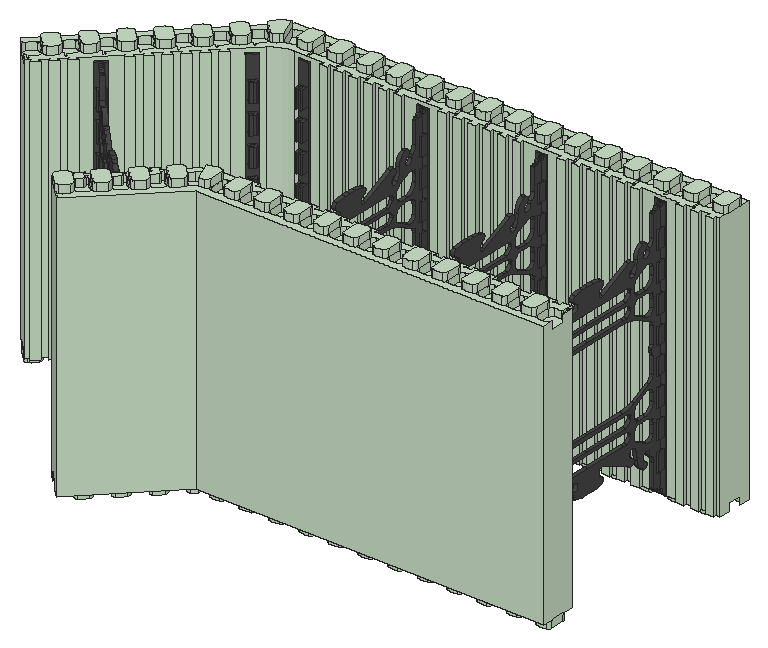
Revit family (continued)
Definition of nested family "12-inch Insert Web"
  Forms (mm)
    Extrusion 2, solid, material "High Density Polystyrene"
      sketch origin (0, 0, 0) x (0, 1, 0) y (0, 0, 1)
        loop
          arc (132.383, 180.186) -> (137.716, 184.872) -> (139.7, 191.688) r 12.7
        loop
          line (76.789, 348.183) -> (0, 348.183) -> (-76.789, 348.183)
          arc (-76.789, 348.183) -> (-80.328, 348.292) -> (-83.853, 348.621) r 57.15
          arc (-83.853, 348.621) -> (-88.43, 345.096) -> (-91.44, 340.166) r 15.855
          line (-91.44, 340.166) -> (-91.44, 336.966)
          arc (-91.44, 336.966) -> (-87.76, 331.136) -> (-81.935, 327.448) r 15.684
          line (-81.935, 327.448) -> (0, 327.448) -> (81.935, 327.448)
          arc (81.935, 327.448) -> (87.76, 331.136) -> (91.44, 336.966) r 15.684
          line (91.44, 336.966) -> (91.44, 340.166)
          arc (91.44, 340.166) -> (88.43, 345.096) -> (83.853, 348.621) r 15.855
          arc (83.853, 348.621) -> (80.328, 348.292) -> (76.789, 348.183) r 57.15
        loop
          arc (103.837, 354.882) -> (98.504, 350.196) -> (96.52, 343.38) r 12.7
          line (96.52, 343.38) -> (96.52, 340.138)
          arc (96.52, 340.138) -> (100.24, 331.158) -> (109.22, 327.438) r 12.7
          line (109.22, 327.438) -> (123.825, 327.438)
          arc (123.825, 327.438) -> (135.05, 332.088) -> (139.7, 343.313) r 15.875
          line (139.7, 343.313) -> (139.7, 356.692)
          arc (139.7, 356.692) -> (135.287, 364.729) -> (126.138, 365.319) r 9.525
          line (126.138, 365.319) -> (103.837, 354.882)
        loop
          arc (139.7, 306.991) -> (135.05, 318.216) -> (123.825, 322.866) r 15.875
          line (123.825, 322.866) -> (109.22, 322.866)
          arc (109.22, 322.866) -> (100.24, 319.146) -> (96.52, 310.166) r 12.7
          line (96.52, 310.166) -> (96.52, 306.925)
          arc (96.52, 306.925) -> (98.504, 300.108) -> (103.837, 295.422) r 12.7
          line (103.837, 295.422) -> (126.138, 284.985)
          arc (126.138, 284.985) -> (135.287, 285.575) -> (139.7, 293.612) r 9.525
          line (139.7, 293.612) -> (139.7, 306.991)
        loop
          arc (83.851, 301.696) -> (88.429, 305.221) -> (91.44, 310.152) r 15.855
          line (91.44, 310.152) -> (91.44, 313.351)
          arc (91.44, 313.351) -> (87.752, 319.188) -> (81.915, 322.876) r 15.684
          line (81.915, 322.876) -> (0, 322.876) -> (-81.915, 322.876)
          arc (-81.915, 322.876) -> (-87.752, 319.188) -> (-91.44, 313.351) r 15.684
          line (-91.44, 313.351) -> (-91.44, 310.152)
          arc (-91.44, 310.152) -> (-88.429, 305.221) -> (-83.851, 301.696) r 15.855
          arc (-83.851, 301.696) -> (-80.337, 302.022) -> (-76.81, 302.131) r 57.15
          line (-76.81, 302.131) -> (0, 302.131) -> (76.81, 302.131)
          arc (76.81, 302.131) -> (80.337, 302.022) -> (83.851, 301.696) r 57.15
        loop
          line (-103.837, 354.882) -> (-126.138, 365.319)
          arc (-126.138, 365.319) -> (-135.287, 364.729) -> (-139.7, 356.692) r 9.525
          line (-139.7, 356.692) -> (-139.7, 343.313)
          arc (-139.7, 343.313) -> (-135.05, 332.088) -> (-123.825, 327.438) r 15.875
          line (-123.825, 327.438) -> (-109.22, 327.438)
          arc (-109.22, 327.438) -> (-100.24, 331.158) -> (-96.52, 340.138) r 12.7
          line (-96.52, 340.138) -> (-96.52, 343.38)
          arc (-96.52, 343.38) -> (-98.504, 350.196) -> (-103.837, 354.882) r 12.7
        loop
          line (-139.7, 306.991) -> (-139.7, 293.612)
          arc (-139.7, 293.612) -> (-135.287, 285.575) -> (-126.138, 284.985) r 9.525
          line (-126.138, 284.985) -> (-103.837, 295.422)
          arc (-103.837, 295.422) -> (-98.504, 300.108) -> (-96.52, 306.925) r 12.7
          line (-96.52, 306.925) -> (-96.52, 310.166)
          arc (-96.52, 310.166) -> (-100.24, 319.146) -> (-109.22, 322.866) r 12.7
          line (-109.22, 322.866) -> (-123.825, 322.866)
          arc (-123.825, 322.866) -> (-135.05, 318.216) -> (-139.7, 306.991) r 15.875
      from 3.175 to -3.175
    Extrusion 3, solid, material "High Density Polystyrene"
      sketch origin (0, 0, 0) x (0, 1, 0) y (0, 0, 1)
        loop
          line (157.734, 410.919) -> (145.034, 410.919) -> (145.034, 380.439) -> (157.734, 380.439) -> (157.734, 410.919)
        loop
          line (157.734, 361.389) -> (145.034, 361.389) -> (145.034, 330.909) -> (157.734, 330.909) -> (157.734, 361.389)
        loop
          line (157.734, 311.859) -> (145.034, 311.859) -> (145.034, 281.379) -> (157.734, 281.379) -> (157.734, 311.859)
        loop
          line (157.734, 262.329) -> (145.034, 262.329) -> (145.034, 234.897) -> (157.734, 234.897) -> (157.734, 262.329)
        loop
          line (157.734, 215.847) -> (145.034, 215.847) -> (145.034, 188.415) -> (157.734, 188.415) -> (157.734, 215.847)
        loop
          line (157.734, 169.365) -> (145.034, 169.365) -> (145.034, 138.885) -> (157.734, 138.885) -> (157.734, 169.365)
        loop
          line (157.734, 119.835) -> (145.034, 119.835) -> (145.034, 89.355) -> (157.734, 89.355) -> (157.734, 119.835)
        loop
          line (157.734, 70.305) -> (145.034, 70.305) -> (145.034, 39.825) -> (157.734, 39.825) -> (157.734, 70.305)
        loop
          line (-157.734, 410.919) -> (-157.734, 380.439) -> (-145.034, 380.439) -> (-145.034, 410.919) -> (-157.734, 410.919)
        loop
          line (-157.734, 361.389) -> (-157.734, 330.909) -> (-145.034, 330.909) -> (-145.034, 361.389) -> (-157.734, 361.389)
        loop
          line (-157.734, 311.859) -> (-157.734, 281.379) -> (-145.034, 281.379) -> (-145.034, 311.859) -> (-157.734, 311.859)
        loop
          line (-157.734, 262.329) -> (-157.734, 234.897) -> (-145.034, 234.897) -> (-145.034, 262.329) -> (-157.734, 262.329)
        loop
          line (-157.734, 215.847) -> (-157.734, 188.415) -> (-145.034, 188.415) -> (-145.034, 215.847) -> (-157.734, 215.847)
        loop
          line (-157.734, 169.365) -> (-157.734, 138.885) -> (-145.034, 138.885) -> (-145.034, 169.365) -> (-157.734, 169.365)
        loop
          line (-157.734, 119.835) -> (-157.734, 89.355) -> (-145.034, 89.355) -> (-145.034, 119.835) -> (-157.734, 119.835)
        loop
          line (-157.734, 70.305) -> (-157.734, 39.825) -> (-145.034, 39.825) -> (-145.034, 70.305) -> (-157.734, 70.305)
      from 6.35 to -6.35
    Extrusion 4, void
      sketch origin (0, 76.2, 0) x (1, 0, 0) y (0, 1, 0)
        loop
          line (-6.35, 70.929) -> (-6.35, 68.834) -> (-4.255, 68.834)
          arc (-4.255, 68.834) -> (-5.736, 69.448) -> (-6.35, 70.929) r 2.095
      from 0 to 457.2
    Extrusion 5, void
      sketch origin (0, 76.2, 0) x (-1, 0, 0) y (0, -1, 0)
        loop
          arc (-6.35, -70.929) -> (-5.736, -69.448) -> (-4.255, -68.834) r 2.095
          line (-4.255, -68.834) -> (-6.35, -68.834) -> (-6.35, -70.929)
      from 0 to 457.2
    Extrusion 6, void
      sketch origin (0, -76.2, 0) x (1, 0, 0) y (0, 1, 0)
        loop
          arc (-6.35, -70.929) -> (-5.736, -69.448) -> (-4.255, -68.834) r 2.095
          line (-4.255, -68.834) -> (-6.35, -68.834) -> (-6.35, -70.929)
      from 0 to 457.2
    Extrusion 7, void
      sketch origin (0, -76.2, 0) x (-1, 0, 0) y (0, -1, 0)
        loop
          line (-6.35, 70.929) -> (-6.35, 68.834) -> (-4.255, 68.834)
          arc (-4.255, 68.834) -> (-5.736, 69.448) -> (-6.35, 70.929) r 2.095
      from 0 to 457.2
  Cuts and joins
    Extrusion 4, Extrusion 5, Extrusion 6, Extrusion 7 cuts Extrusion 1
    Extrusion 4, Extrusion 5, Extrusion 6, Extrusion 7 cuts Extrusion 3
Definition of nested family "NUDURA Diamond Pattern"
  Reference planes
    plane 1 "Center (Front/Back)": y = 0
    plane 2: z = 0
    plane 3 "Center (Left/Right)": x = 0
    plane 4: z = 457.2
  Lines and regions (mm)
    model lines
      curve 1: line (203.2, -142.875, 457.2) -> (203.2, -142.875, 0)
      curve 2: line (152.4, -142.875, 457.2) -> (152.4, -142.875, 0)
      curve 3: line (50.8, -142.875, 457.2) -> (50.8, -142.875, 0)
      curve 4: line (85.183, -142.875, 431.415) -> (93.906, -142.875, 422.692)
      curve 5: arc (85.183, -142.875, 444.885) -> (82.394, -142.875, 438.15) -> (85.183, -142.875, 431.415) r 9.525
      curve 6: line (94.708, -142.875, 454.41) -> (85.183, -142.875, 444.885)
      curve 7: arc (108.179, -142.875, 454.41) -> (101.444, -142.875, 457.2) -> (94.708, -142.875, 454.41) r 9.525
      curve 8: line (117.704, -142.875, 444.885) -> (108.179, -142.875, 454.41)
      curve 9: arc (117.704, -142.875, 431.415) -> (120.494, -142.875, 438.15) -> (117.704, -142.875, 444.885) r 9.525
      curve 10: line (108.981, -142.875, 422.692) -> (117.704, -142.875, 431.415)
      curve 11: arc (105.934, -142.875, 452.165) -> (101.444, -142.875, 454.025) -> (96.953, -142.875, 452.165) r 6.35
      curve 12: line (115.459, -142.875, 442.64) -> (105.934, -142.875, 452.165)
      curve 13: arc (115.459, -142.875, 433.66) -> (117.319, -142.875, 438.15) -> (115.459, -142.875, 442.64) r 6.35
      curve 14: line (105.934, -142.875, 424.135) -> (115.459, -142.875, 433.66)
      curve 15: arc (96.953, -142.875, 424.135) -> (101.444, -142.875, 422.275) -> (105.934, -142.875, 424.135) r 6.35
      curve 16: line (87.428, -142.875, 433.66) -> (96.953, -142.875, 424.135)
      curve 17: arc (87.428, -142.875, 442.64) -> (85.569, -142.875, 438.15) -> (87.428, -142.875, 433.66) r 6.35
      curve 18: line (96.953, -142.875, 452.165) -> (87.428, -142.875, 442.64)
      curve 19: arc (93.906, -142.875, 415.508) -> (95.394, -142.875, 419.1) -> (93.906, -142.875, 422.692) r 5.08
      curve 20: line (117.704, -142.875, 406.785) -> (108.981, -142.875, 415.508)
      curve 21: arc (117.704, -142.875, 393.315) -> (120.494, -142.875, 400.05) -> (117.704, -142.875, 406.785) r 9.525
      curve 22: line (108.981, -142.875, 384.592) -> (117.704, -142.875, 393.315)
      curve 23: line (85.183, -142.875, 393.315) -> (93.906, -142.875, 384.592)
      curve 24: arc (85.183, -142.875, 406.785) -> (82.394, -142.875, 400.05) -> (85.183, -142.875, 393.315) r 9.525
      curve 25: line (93.906, -142.875, 415.508) -> (85.183, -142.875, 406.785)
      curve 26: arc (105.934, -142.875, 414.065) -> (101.444, -142.875, 415.925) -> (96.953, -142.875, 414.065) r 6.35
      curve 27: line (96.953, -142.875, 414.065) -> (87.428, -142.875, 404.54)
      curve 28: arc (87.428, -142.875, 404.54) -> (85.569, -142.875, 400.05) -> (87.428, -142.875, 395.56) r 6.35
      curve 29: line (87.428, -142.875, 395.56) -> (96.953, -142.875, 386.035)
      curve 30: arc (96.953, -142.875, 386.035) -> (101.444, -142.875, 384.175) -> (105.934, -142.875, 386.035) r 6.35
      curve 31: line (105.934, -142.875, 386.035) -> (115.459, -142.875, 395.56)
      curve 32: arc (115.459, -142.875, 395.56) -> (117.319, -142.875, 400.05) -> (115.459, -142.875, 404.54) r 6.35
      curve 33: line (115.459, -142.875, 404.54) -> (105.934, -142.875, 414.065)
      curve 34: arc (93.906, -142.875, 377.408) -> (95.394, -142.875, 381) -> (93.906, -142.875, 384.592) r 5.08
      curve 35: line (117.704, -142.875, 368.685) -> (108.981, -142.875, 377.408)
      curve 36: arc (117.704, -142.875, 355.215) -> (120.494, -142.875, 361.95) -> (117.704, -142.875, 368.685) r 9.525
      curve 37: line (108.981, -142.875, 346.492) -> (117.704, -142.875, 355.215)
      curve 38: line (85.183, -142.875, 355.215) -> (93.906, -142.875, 346.492)
      curve 39: arc (85.183, -142.875, 368.685) -> (82.394, -142.875, 361.95) -> (85.183, -142.875, 355.215) r 9.525
      curve 40: line (93.906, -142.875, 377.408) -> (85.183, -142.875, 368.685)
      curve 41: arc (105.934, -142.875, 375.965) -> (101.444, -142.875, 377.825) -> (96.953, -142.875, 375.965) r 6.35
      curve 42: line (96.953, -142.875, 375.965) -> (87.428, -142.875, 366.44)
      curve 43: arc (87.428, -142.875, 366.44) -> (85.569, -142.875, 361.95) -> (87.428, -142.875, 357.46) r 6.35
      curve 44: line (87.428, -142.875, 357.46) -> (96.953, -142.875, 347.935)
      curve 45: arc (96.953, -142.875, 347.935) -> (101.444, -142.875, 346.075) -> (105.934, -142.875, 347.935) r 6.35
      curve 46: line (105.934, -142.875, 347.935) -> (115.459, -142.875, 357.46)
      curve 47: arc (115.459, -142.875, 357.46) -> (117.319, -142.875, 361.95) -> (115.459, -142.875, 366.44) r 6.35
      curve 48: line (115.459, -142.875, 366.44) -> (105.934, -142.875, 375.965)
      curve 49: arc (93.906, -142.875, 339.308) -> (95.394, -142.875, 342.9) -> (93.906, -142.875, 346.492) r 5.08
      curve 50: line (117.704, -142.875, 330.585) -> (108.981, -142.875, 339.308)
      curve 51: arc (117.704, -142.875, 317.115) -> (120.494, -142.875, 323.85) -> (117.704, -142.875, 330.585) r 9.525
      curve 52: line (108.981, -142.875, 308.392) -> (117.704, -142.875, 317.115)
      curve 53: line (85.183, -142.875, 317.115) -> (93.906, -142.875, 308.392)
      curve 54: arc (85.183, -142.875, 330.585) -> (82.394, -142.875, 323.85) -> (85.183, -142.875, 317.115) r 9.525
      curve 55: line (93.906, -142.875, 339.308) -> (85.183, -142.875, 330.585)
      curve 56: arc (105.934, -142.875, 337.865) -> (101.444, -142.875, 339.725) -> (96.953, -142.875, 337.865) r 6.35
      curve 57: line (96.953, -142.875, 337.865) -> (87.428, -142.875, 328.34)
      curve 58: arc (87.428, -142.875, 328.34) -> (85.569, -142.875, 323.85) -> (87.428, -142.875, 319.36) r 6.35
      curve 59: line (87.428, -142.875, 319.36) -> (96.953, -142.875, 309.835)
      curve 60: arc (96.953, -142.875, 309.835) -> (101.444, -142.875, 307.975) -> (105.934, -142.875, 309.835) r 6.35
      curve 61: line (105.934, -142.875, 309.835) -> (115.459, -142.875, 319.36)
      curve 62: arc (115.459, -142.875, 319.36) -> (117.319, -142.875, 323.85) -> (115.459, -142.875, 328.34) r 6.35
      curve 63: line (115.459, -142.875, 328.34) -> (105.934, -142.875, 337.865)
      curve 64: arc (93.906, -142.875, 301.208) -> (95.394, -142.875, 304.8) -> (93.906, -142.875, 308.392) r 5.08
      curve 65: line (117.704, -142.875, 292.485) -> (108.981, -142.875, 301.208)
      curve 66: arc (117.704, -142.875, 279.015) -> (120.494, -142.875, 285.75) -> (117.704, -142.875, 292.485) r 9.525
      curve 67: line (108.981, -142.875, 270.292) -> (117.704, -142.875, 279.015)
      curve 68: line (85.183, -142.875, 279.015) -> (93.906, -142.875, 270.292)
      curve 69: arc (85.183, -142.875, 292.485) -> (82.394, -142.875, 285.75) -> (85.183, -142.875, 279.015) r 9.525
      curve 70: line (93.906, -142.875, 301.208) -> (85.183, -142.875, 292.485)
      curve 71: arc (105.934, -142.875, 299.765) -> (101.444, -142.875, 301.625) -> (96.953, -142.875, 299.765) r 6.35
      curve 72: line (96.953, -142.875, 299.765) -> (87.428, -142.875, 290.24)
      curve 73: arc (87.428, -142.875, 290.24) -> (85.569, -142.875, 285.75) -> (87.428, -142.875, 281.26) r 6.35
      curve 74: line (87.428, -142.875, 281.26) -> (96.953, -142.875, 271.735)
      curve 75: arc (96.953, -142.875, 271.735) -> (101.444, -142.875, 269.875) -> (105.934, -142.875, 271.735) r 6.35
      curve 76: line (105.934, -142.875, 271.735) -> (115.459, -142.875, 281.26)
      curve 77: arc (115.459, -142.875, 281.26) -> (117.319, -142.875, 285.75) -> (115.459, -142.875, 290.24) r 6.35
      curve 78: line (115.459, -142.875, 290.24) -> (105.934, -142.875, 299.765)
      curve 79: arc (93.906, -142.875, 263.108) -> (95.394, -142.875, 266.7) -> (93.906, -142.875, 270.292) r 5.08
      curve 80: line (117.704, -142.875, 254.385) -> (108.981, -142.875, 263.108)
      curve 81: arc (117.704, -142.875, 240.915) -> (120.494, -142.875, 247.65) -> (117.704, -142.875, 254.385) r 9.525
      curve 82: line (108.981, -142.875, 232.192) -> (117.704, -142.875, 240.915)
      curve 83: line (85.183, -142.875, 240.915) -> (93.906, -142.875, 232.192)
      curve 84: arc (85.183, -142.875, 254.385) -> (82.394, -142.875, 247.65) -> (85.183, -142.875, 240.915) r 9.525
      curve 85: line (93.906, -142.875, 263.108) -> (85.183, -142.875, 254.385)
      curve 86: arc (105.934, -142.875, 261.665) -> (101.444, -142.875, 263.525) -> (96.953, -142.875, 261.665) r 6.35
      curve 87: line (96.953, -142.875, 261.665) -> (87.428, -142.875, 252.14)
      curve 88: arc (87.428, -142.875, 252.14) -> (85.569, -142.875, 247.65) -> (87.428, -142.875, 243.16) r 6.35
      curve 89: line (87.428, -142.875, 243.16) -> (96.953, -142.875, 233.635)
      curve 90: arc (96.953, -142.875, 233.635) -> (101.444, -142.875, 231.775) -> (105.934, -142.875, 233.635) r 6.35
      curve 91: line (105.934, -142.875, 233.635) -> (115.459, -142.875, 243.16)
      curve 92: arc (115.459, -142.875, 243.16) -> (117.319, -142.875, 247.65) -> (115.459, -142.875, 252.14) r 6.35
      curve 93: line (115.459, -142.875, 252.14) -> (105.934, -142.875, 261.665)
      curve 94: arc (93.906, -142.875, 225.008) -> (95.394, -142.875, 228.6) -> (93.906, -142.875, 232.192) r 5.08
      curve 95: line (117.704, -142.875, 216.285) -> (108.981, -142.875, 225.008)
      curve 96: arc (117.704, -142.875, 202.815) -> (120.494, -142.875, 209.55) -> (117.704, -142.875, 216.285) r 9.525
      curve 97: line (108.981, -142.875, 194.092) -> (117.704, -142.875, 202.815)
      curve 98: line (85.183, -142.875, 202.815) -> (93.906, -142.875, 194.092)
      curve 99: arc (85.183, -142.875, 216.285) -> (82.394, -142.875, 209.55) -> (85.183, -142.875, 202.815) r 9.525
      curve 100: line (93.906, -142.875, 225.008) -> (85.183, -142.875, 216.285)
      curve 101: arc (105.934, -142.875, 223.565) -> (101.444, -142.875, 225.425) -> (96.953, -142.875, 223.565) r 6.35
      curve 102: line (96.953, -142.875, 223.565) -> (87.428, -142.875, 214.04)
      curve 103: arc (87.428, -142.875, 214.04) -> (85.569, -142.875, 209.55) -> (87.428, -142.875, 205.06) r 6.35
      curve 104: line (87.428, -142.875, 205.06) -> (96.953, -142.875, 195.535)
      curve 105: arc (96.953, -142.875, 195.535) -> (101.444, -142.875, 193.675) -> (105.934, -142.875, 195.535) r 6.35
      curve 106: line (105.934, -142.875, 195.535) -> (115.459, -142.875, 205.06)
      curve 107: arc (115.459, -142.875, 205.06) -> (117.319, -142.875, 209.55) -> (115.459, -142.875, 214.04) r 6.35
      curve 108: line (115.459, -142.875, 214.04) -> (105.934, -142.875, 223.565)
      curve 109: arc (93.906, -142.875, 186.908) -> (95.394, -142.875, 190.5) -> (93.906, -142.875, 194.092) r 5.08
      curve 110: line (117.704, -142.875, 178.185) -> (108.981, -142.875, 186.908)
      curve 111: arc (117.704, -142.875, 164.715) -> (120.494, -142.875, 171.45) -> (117.704, -142.875, 178.185) r 9.525
      curve 112: line (108.981, -142.875, 155.992) -> (117.704, -142.875, 164.715)
      curve 113: line (85.183, -142.875, 164.715) -> (93.906, -142.875, 155.992)
      curve 114: arc (85.183, -142.875, 178.185) -> (82.394, -142.875, 171.45) -> (85.183, -142.875, 164.715) r 9.525
      curve 115: line (93.906, -142.875, 186.908) -> (85.183, -142.875, 178.185)
      curve 116: arc (105.934, -142.875, 185.465) -> (101.444, -142.875, 187.325) -> (96.953, -142.875, 185.465) r 6.35
      curve 117: line (96.953, -142.875, 185.465) -> (87.428, -142.875, 175.94)
      curve 118: arc (87.428, -142.875, 175.94) -> (85.569, -142.875, 171.45) -> (87.428, -142.875, 166.96) r 6.35
      curve 119: line (87.428, -142.875, 166.96) -> (96.953, -142.875, 157.435)
      curve 120: arc (96.953, -142.875, 157.435) -> (101.444, -142.875, 155.575) -> (105.934, -142.875, 157.435) r 6.35
      curve 121: line (105.934, -142.875, 157.435) -> (115.459, -142.875, 166.96)
      curve 122: arc (115.459, -142.875, 166.96) -> (117.319, -142.875, 171.45) -> (115.459, -142.875, 175.94) r 6.35
      curve 123: line (115.459, -142.875, 175.94) -> (105.934, -142.875, 185.465)
      curve 124: arc (93.906, -142.875, 148.808) -> (95.394, -142.875, 152.4) -> (93.906, -142.875, 155.992) r 5.08
      curve 125: line (117.704, -142.875, 140.085) -> (108.981, -142.875, 148.808)
      curve 126: arc (117.704, -142.875, 126.615) -> (120.494, -142.875, 133.35) -> (117.704, -142.875, 140.085) r 9.525
      curve 127: line (108.981, -142.875, 117.892) -> (117.704, -142.875, 126.615)
      curve 128: line (85.183, -142.875, 126.615) -> (93.906, -142.875, 117.892)
      curve 129: arc (85.183, -142.875, 140.085) -> (82.394, -142.875, 133.35) -> (85.183, -142.875, 126.615) r 9.525
      curve 130: line (93.906, -142.875, 148.808) -> (85.183, -142.875, 140.085)
      curve 131: arc (105.934, -142.875, 147.365) -> (101.444, -142.875, 149.225) -> (96.953, -142.875, 147.365) r 6.35
      curve 132: line (96.953, -142.875, 147.365) -> (87.428, -142.875, 137.84)
      curve 133: arc (87.428, -142.875, 137.84) -> (85.569, -142.875, 133.35) -> (87.428, -142.875, 128.86) r 6.35
      curve 134: line (87.428, -142.875, 128.86) -> (96.953, -142.875, 119.335)
      curve 135: arc (96.953, -142.875, 119.335) -> (101.444, -142.875, 117.475) -> (105.934, -142.875, 119.335) r 6.35
      curve 136: line (105.934, -142.875, 119.335) -> (115.459, -142.875, 128.86)
      curve 137: arc (115.459, -142.875, 128.86) -> (117.319, -142.875, 133.35) -> (115.459, -142.875, 137.84) r 6.35
      curve 138: line (115.459, -142.875, 137.84) -> (105.934, -142.875, 147.365)
      curve 139: arc (93.906, -142.875, 110.708) -> (95.394, -142.875, 114.3) -> (93.906, -142.875, 117.892) r 5.08
      curve 140: line (117.704, -142.875, 101.985) -> (108.981, -142.875, 110.708)
      curve 141: arc (117.704, -142.875, 88.515) -> (120.494, -142.875, 95.25) -> (117.704, -142.875, 101.985) r 9.525
      curve 142: line (108.981, -142.875, 79.792) -> (117.704, -142.875, 88.515)
      curve 143: line (85.183, -142.875, 88.515) -> (93.906, -142.875, 79.792)
      curve 144: arc (85.183, -142.875, 101.985) -> (82.394, -142.875, 95.25) -> (85.183, -142.875, 88.515) r 9.525
      curve 145: line (93.906, -142.875, 110.708) -> (85.183, -142.875, 101.985)
      curve 146: arc (105.934, -142.875, 109.265) -> (101.444, -142.875, 111.125) -> (96.953, -142.875, 109.265) r 6.35
      curve 147: line (96.953, -142.875, 109.265) -> (87.428, -142.875, 99.74)
      curve 148: arc (87.428, -142.875, 99.74) -> (85.569, -142.875, 95.25) -> (87.428, -142.875, 90.76) r 6.35
      curve 149: line (87.428, -142.875, 90.76) -> (96.953, -142.875, 81.235)
      curve 150: arc (96.953, -142.875, 81.235) -> (101.444, -142.875, 79.375) -> (105.934, -142.875, 81.235) r 6.35
      curve 151: line (105.934, -142.875, 81.235) -> (115.459, -142.875, 90.76)
      curve 152: arc (115.459, -142.875, 90.76) -> (117.319, -142.875, 95.25) -> (115.459, -142.875, 99.74) r 6.35
      curve 153: line (115.459, -142.875, 99.74) -> (105.934, -142.875, 109.265)
      curve 154: arc (93.906, -142.875, 72.608) -> (95.394, -142.875, 76.2) -> (93.906, -142.875, 79.792) r 5.08
      curve 155: line (117.704, -142.875, 63.885) -> (108.981, -142.875, 72.608)
      curve 156: arc (117.704, -142.875, 50.415) -> (120.494, -142.875, 57.15) -> (117.704, -142.875, 63.885) r 9.525
      curve 157: line (108.981, -142.875, 41.692) -> (117.704, -142.875, 50.415)
      curve 158: line (85.183, -142.875, 50.415) -> (93.906, -142.875, 41.692)
      curve 159: arc (85.183, -142.875, 63.885) -> (82.394, -142.875, 57.15) -> (85.183, -142.875, 50.415) r 9.525
      curve 160: line (93.906, -142.875, 72.608) -> (85.183, -142.875, 63.885)
      curve 161: arc (105.934, -142.875, 71.165) -> (101.444, -142.875, 73.025) -> (96.953, -142.875, 71.165) r 6.35
      curve 162: line (96.953, -142.875, 71.165) -> (87.428, -142.875, 61.64)
      curve 163: arc (87.428, -142.875, 61.64) -> (85.569, -142.875, 57.15) -> (87.428, -142.875, 52.66) r 6.35
      curve 164: line (87.428, -142.875, 52.66) -> (96.953, -142.875, 43.135)
      curve 165: arc (96.953, -142.875, 43.135) -> (101.444, -142.875, 41.275) -> (105.934, -142.875, 43.135) r 6.35
      curve 166: line (105.934, -142.875, 43.135) -> (115.459, -142.875, 52.66)
      curve 167: arc (115.459, -142.875, 52.66) -> (117.319, -142.875, 57.15) -> (115.459, -142.875, 61.64) r 6.35
      curve 168: line (115.459, -142.875, 61.64) -> (105.934, -142.875, 71.165)
      curve 169: arc (93.906, -142.875, 34.508) -> (95.394, -142.875, 38.1) -> (93.906, -142.875, 41.692) r 5.08
      curve 170: line (93.906, -142.875, 34.508) -> (85.183, -142.875, 25.785)
      curve 171: arc (85.183, -142.875, 25.785) -> (82.394, -142.875, 19.05) -> (85.183, -142.875, 12.315) r 9.525
      curve 172: line (85.183, -142.875, 12.315) -> (94.708, -142.875, 2.79)
      curve 173: arc (94.708, -142.875, 2.79) -> (101.444, -142.875, 0) -> (108.179, -142.875, 2.79) r 9.525
      curve 174: line (108.179, -142.875, 2.79) -> (117.704, -142.875, 12.315)
      curve 175: arc (117.704, -142.875, 12.315) -> (120.494, -142.875, 19.05) -> (117.704, -142.875, 25.785) r 9.525
      curve 176: line (117.704, -142.875, 25.785) -> (108.981, -142.875, 34.508)
      curve 177: arc (108.981, -142.875, 41.692) -> (107.493, -142.875, 38.1) -> (108.981, -142.875, 34.508) r 5.08
      curve 178: arc (105.934, -142.875, 33.065) -> (101.444, -142.875, 34.925) -> (96.953, -142.875, 33.065) r 6.35
      curve 179: line (115.459, -142.875, 23.54) -> (105.934, -142.875, 33.065)
      curve 180: arc (115.459, -142.875, 14.56) -> (117.319, -142.875, 19.05) -> (115.459, -142.875, 23.54) r 6.35
      curve 181: line (105.934, -142.875, 5.035) -> (115.459, -142.875, 14.56)
      curve 182: arc (96.953, -142.875, 5.035) -> (101.444, -142.875, 3.175) -> (105.934, -142.875, 5.035) r 6.35
      curve 183: line (87.428, -142.875, 14.56) -> (96.953, -142.875, 5.035)
      curve 184: arc (87.428, -142.875, 23.54) -> (85.569, -142.875, 19.05) -> (87.428, -142.875, 14.56) r 6.35
      curve 185: line (96.953, -142.875, 33.065) -> (87.428, -142.875, 23.54)
      curve 186: arc (108.981, -142.875, 79.792) -> (107.493, -142.875, 76.2) -> (108.981, -142.875, 72.608) r 5.08
      curve 187: arc (108.981, -142.875, 117.892) -> (107.493, -142.875, 114.3) -> (108.981, -142.875, 110.708) r 5.08
      curve 188: arc (108.981, -142.875, 155.992) -> (107.493, -142.875, 152.4) -> (108.981, -142.875, 148.808) r 5.08
      curve 189: arc (108.981, -142.875, 194.092) -> (107.493, -142.875, 190.5) -> (108.981, -142.875, 186.908) r 5.08
      curve 190: arc (108.981, -142.875, 232.192) -> (107.493, -142.875, 228.6) -> (108.981, -142.875, 225.008) r 5.08
      curve 191: arc (108.981, -142.875, 270.292) -> (107.493, -142.875, 266.7) -> (108.981, -142.875, 263.108) r 5.08
      curve 192: arc (108.981, -142.875, 308.392) -> (107.493, -142.875, 304.8) -> (108.981, -142.875, 301.208) r 5.08
      curve 193: arc (108.981, -142.875, 346.492) -> (107.493, -142.875, 342.9) -> (108.981, -142.875, 339.308) r 5.08
      curve 194: arc (108.981, -142.875, 384.592) -> (107.493, -142.875, 381) -> (108.981, -142.875, 377.408) r 5.08
      curve 195: arc (108.981, -142.875, 422.692) -> (107.493, -142.875, 419.1) -> (108.981, -142.875, 415.508) r 5.08
Definition of nested family "NUDURA Logo Diamond"
  Reference planes
    plane 1 "Center (Front/Back)": y = 0
    plane 2: z = 0
    plane 3 "Center (Left/Right)": x = 0
  Lines and regions (mm)
    model lines
      curve 1: line (320.001, 0, 444.526) -> (311.021, 0, 453.507)
      curve 2: line (313.973, 0, 425.925) -> (320.001, 0, 431.954)
      curve 3: line (320.001, 0, 406.426) -> (313.973, 0, 412.455)
      curve 4: line (313.973, 0, 387.825) -> (320.001, 0, 393.854)
      curve 5: line (320.001, 0, 368.326) -> (313.973, 0, 374.355)
      curve 6: line (313.973, 0, 349.725) -> (320.001, 0, 355.754)
      curve 7: line (309.225, 0, 337.411) -> (322.887, 0, 323.749)
      curve 8: line (322.887, 0, 323.749) -> (324.683, 0, 325.545)
      curve 9: line (286.583, 0, 323.749) -> (300.245, 0, 337.411)
      curve 10: line (295.497, 0, 336.255) -> (284.787, 0, 325.545)
      curve 11: line (289.468, 0, 355.754) -> (295.497, 0, 349.725)
      curve 12: line (295.497, 0, 374.355) -> (289.468, 0, 368.326)
      curve 13: line (289.468, 0, 393.854) -> (295.497, 0, 387.825)
      curve 14: line (295.497, 0, 412.455) -> (289.468, 0, 406.426)
      curve 15: line (289.468, 0, 431.954) -> (295.497, 0, 425.925)
      curve 16: line (298.449, 0, 453.507) -> (289.468, 0, 444.526)
      curve 17: line (300.245, 0, 451.711) -> (291.265, 0, 442.73)
      curve 18: line (318.205, 0, 442.73) -> (309.225, 0, 451.711)
      curve 19: line (309.225, 0, 424.77) -> (318.205, 0, 433.75)
      curve 20: line (291.265, 0, 433.75) -> (300.245, 0, 424.77)
      curve 21: arc (289.468, 0, 444.526) -> (286.865, 0, 438.24) -> (289.468, 0, 431.954) r 8.89
      curve 22: arc (298.449, 0, 453.507) -> (304.735, 0, 456.111) -> (311.021, 0, 453.507) r 8.89
      curve 23: arc (291.265, 0, 442.73) -> (289.405, 0, 438.24) -> (291.265, 0, 433.75) r 6.35
      curve 24: arc (318.205, 0, 442.73) -> (320.065, 0, 438.24) -> (318.205, 0, 433.75) r 6.35
      curve 25: arc (309.225, 0, 424.77) -> (304.735, 0, 422.91) -> (300.245, 0, 424.77) r 6.35
      curve 26: arc (300.245, 0, 451.711) -> (304.735, 0, 453.571) -> (309.225, 0, 451.711) r 6.35
      curve 27: arc (320.001, 0, 444.526) -> (322.605, 0, 438.24) -> (320.001, 0, 431.954) r 8.89
      curve 28: arc (295.497, 0, 425.925) -> (298.287, 0, 419.19) -> (295.497, 0, 412.455) r 9.525
      curve 29: arc (313.973, 0, 425.925) -> (311.183, 0, 419.19) -> (313.973, 0, 412.455) r 9.525
      curve 30: line (313.973, 0, 387.825) -> (320.001, 0, 393.854)
      curve 31: line (289.468, 0, 393.854) -> (295.497, 0, 387.825)
      curve 32: line (300.245, 0, 413.611) -> (291.265, 0, 404.63)
      curve 33: line (318.205, 0, 404.63) -> (309.225, 0, 413.611)
      curve 34: line (309.225, 0, 386.67) -> (318.205, 0, 395.65)
      curve 35: line (291.265, 0, 395.65) -> (300.245, 0, 386.67)
      curve 36: arc (289.468, 0, 406.426) -> (286.865, 0, 400.14) -> (289.468, 0, 393.854) r 8.89
      curve 37: arc (291.265, 0, 404.63) -> (289.405, 0, 400.14) -> (291.265, 0, 395.65) r 6.35
      curve 38: arc (318.205, 0, 404.63) -> (320.065, 0, 400.14) -> (318.205, 0, 395.65) r 6.35
      curve 39: arc (309.225, 0, 386.67) -> (304.735, 0, 384.81) -> (300.245, 0, 386.67) r 6.35
      curve 40: arc (300.245, 0, 413.611) -> (304.735, 0, 415.471) -> (309.225, 0, 413.611) r 6.35
      curve 41: arc (320.001, 0, 406.426) -> (322.605, 0, 400.14) -> (320.001, 0, 393.854) r 8.89
      curve 42: line (295.497, 0, 412.455) -> (289.468, 0, 406.426)
      curve 43: line (320.001, 0, 406.426) -> (313.973, 0, 412.455)
      curve 44: arc (295.497, 0, 387.825) -> (298.287, 0, 381.09) -> (295.497, 0, 374.355) r 9.525
      curve 45: arc (313.973, 0, 387.825) -> (311.183, 0, 381.09) -> (313.973, 0, 374.355) r 9.525
      curve 46: line (313.973, 0, 349.725) -> (320.001, 0, 355.754)
      curve 47: line (289.468, 0, 355.754) -> (295.497, 0, 349.725)
      curve 48: line (300.245, 0, 375.511) -> (291.265, 0, 366.53)
      curve 49: line (318.205, 0, 366.53) -> (309.225, 0, 375.511)
      curve 50: line (309.225, 0, 348.57) -> (318.205, 0, 357.55)
      curve 51: line (291.265, 0, 357.55) -> (300.245, 0, 348.57)
      curve 52: arc (289.468, 0, 368.326) -> (286.865, 0, 362.04) -> (289.468, 0, 355.754) r 8.89
      curve 53: arc (291.265, 0, 366.53) -> (289.405, 0, 362.04) -> (291.265, 0, 357.55) r 6.35
      curve 54: arc (318.205, 0, 366.53) -> (320.065, 0, 362.04) -> (318.205, 0, 357.55) r 6.35
      curve 55: arc (309.225, 0, 348.57) -> (304.735, 0, 346.71) -> (300.245, 0, 348.57) r 6.35
      curve 56: arc (300.245, 0, 375.511) -> (304.735, 0, 377.371) -> (309.225, 0, 375.511) r 6.35
      curve 57: arc (320.001, 0, 368.326) -> (322.605, 0, 362.04) -> (320.001, 0, 355.754) r 8.89
      curve 58: line (295.497, 0, 374.355) -> (289.468, 0, 368.326)
      curve 59: arc (295.497, 0, 349.725) -> (298.287, 0, 342.99) -> (295.497, 0, 336.255) r 9.525
      curve 60: arc (313.973, 0, 349.725) -> (311.183, 0, 342.99) -> (313.973, 0, 336.255) r 9.525
      curve 61: line (324.683, 0, 325.545) -> (313.973, 0, 336.255)
      curve 62: line (284.787, 0, 325.545) -> (286.583, 0, 323.749)
      curve 63: arc (300.245, 0, 337.411) -> (304.735, 0, 339.271) -> (309.225, 0, 337.411) r 6.35
      curve 64: line (320.001, 0, 12.854) -> (311.021, 0, 3.874)
      curve 65: line (313.973, 0, 31.455) -> (320.001, 0, 25.426)
      curve 66: line (320.001, 0, 50.954) -> (313.973, 0, 44.925)
      curve 67: line (313.973, 0, 69.555) -> (320.001, 0, 63.526)
      curve 68: line (320.001, 0, 89.054) -> (313.973, 0, 83.025)
      curve 69: line (313.973, 0, 107.655) -> (320.001, 0, 101.626)
      curve 70: line (309.225, 0, 119.97) -> (322.887, 0, 133.632)
      curve 71: line (322.887, 0, 133.632) -> (324.683, 0, 131.836)
      curve 72: line (286.583, 0, 133.632) -> (300.245, 0, 119.97)
      curve 73: line (295.497, 0, 121.125) -> (284.787, 0, 131.836)
      curve 74: line (289.468, 0, 101.626) -> (295.497, 0, 107.655)
      curve 75: line (295.497, 0, 83.025) -> (289.468, 0, 89.054)
      curve 76: line (289.468, 0, 63.526) -> (295.497, 0, 69.555)
      curve 77: line (295.497, 0, 44.925) -> (289.468, 0, 50.954)
      curve 78: line (289.468, 0, 25.426) -> (295.497, 0, 31.455)
      curve 79: line (298.449, 0, 3.874) -> (289.468, 0, 12.854)
      curve 80: line (300.245, 0, 5.67) -> (291.265, 0, 14.65)
      curve 81: line (318.205, 0, 14.65) -> (309.225, 0, 5.67)
      curve 82: line (309.225, 0, 32.611) -> (318.205, 0, 23.63)
      curve 83: line (291.265, 0, 23.63) -> (300.245, 0, 32.611)
      curve 84: arc (289.468, 0, 12.854) -> (286.865, 0, 19.14) -> (289.468, 0, 25.426) r 8.89
      curve 85: arc (298.449, 0, 3.874) -> (304.735, 0, 1.27) -> (311.021, 0, 3.874) r 8.89
      curve 86: arc (291.265, 0, 14.65) -> (289.405, 0, 19.14) -> (291.265, 0, 23.63) r 6.35
      curve 87: arc (318.205, 0, 14.65) -> (320.065, 0, 19.14) -> (318.205, 0, 23.63) r 6.35
      curve 88: arc (309.225, 0, 32.611) -> (304.735, 0, 34.471) -> (300.245, 0, 32.611) r 6.35
      curve 89: arc (300.245, 0, 5.67) -> (304.735, 0, 3.81) -> (309.225, 0, 5.67) r 6.35
      curve 90: arc (320.001, 0, 12.854) -> (322.605, 0, 19.14) -> (320.001, 0, 25.426) r 8.89
      curve 91: arc (295.497, 0, 31.455) -> (298.287, 0, 38.19) -> (295.497, 0, 44.925) r 9.525
      curve 92: arc (313.973, 0, 31.455) -> (311.183, 0, 38.19) -> (313.973, 0, 44.925) r 9.525
      curve 93: line (313.973, 0, 69.555) -> (320.001, 0, 63.526)
      curve 94: line (289.468, 0, 63.526) -> (295.497, 0, 69.555)
      curve 95: line (300.245, 0, 43.77) -> (291.265, 0, 52.75)
      curve 96: line (318.205, 0, 52.75) -> (309.225, 0, 43.77)
      curve 97: line (309.225, 0, 70.711) -> (318.205, 0, 61.73)
      curve 98: line (291.265, 0, 61.73) -> (300.245, 0, 70.711)
      curve 99: arc (289.468, 0, 50.954) -> (286.865, 0, 57.24) -> (289.468, 0, 63.526) r 8.89
      curve 100: arc (291.265, 0, 52.75) -> (289.405, 0, 57.24) -> (291.265, 0, 61.73) r 6.35
      curve 101: arc (318.205, 0, 52.75) -> (320.065, 0, 57.24) -> (318.205, 0, 61.73) r 6.35
      curve 102: arc (309.225, 0, 70.711) -> (304.735, 0, 72.571) -> (300.245, 0, 70.711) r 6.35
      curve 103: arc (300.245, 0, 43.77) -> (304.735, 0, 41.91) -> (309.225, 0, 43.77) r 6.35
      curve 104: arc (320.001, 0, 50.954) -> (322.605, 0, 57.24) -> (320.001, 0, 63.526) r 8.89
      curve 105: line (295.497, 0, 44.925) -> (289.468, 0, 50.954)
      curve 106: line (320.001, 0, 50.954) -> (313.973, 0, 44.925)
      curve 107: arc (295.497, 0, 69.555) -> (298.287, 0, 76.29) -> (295.497, 0, 83.025) r 9.525
      curve 108: arc (313.973, 0, 69.555) -> (311.183, 0, 76.29) -> (313.973, 0, 83.025) r 9.525
      curve 109: line (313.973, 0, 107.655) -> (320.001, 0, 101.626)
      curve 110: line (289.468, 0, 101.626) -> (295.497, 0, 107.655)
      curve 111: line (300.245, 0, 81.87) -> (291.265, 0, 90.85)
      curve 112: line (318.205, 0, 90.85) -> (309.225, 0, 81.87)
      curve 113: line (309.225, 0, 108.811) -> (318.205, 0, 99.83)
      curve 114: line (291.265, 0, 99.83) -> (300.245, 0, 108.811)
      curve 115: arc (289.468, 0, 89.054) -> (286.865, 0, 95.34) -> (289.468, 0, 101.626) r 8.89
      curve 116: arc (291.265, 0, 90.85) -> (289.405, 0, 95.34) -> (291.265, 0, 99.83) r 6.35
      curve 117: arc (318.205, 0, 90.85) -> (320.065, 0, 95.34) -> (318.205, 0, 99.83) r 6.35
      curve 118: arc (309.225, 0, 108.811) -> (304.735, 0, 110.671) -> (300.245, 0, 108.811) r 6.35
      curve 119: arc (300.245, 0, 81.87) -> (304.735, 0, 80.01) -> (309.225, 0, 81.87) r 6.35
      curve 120: arc (320.001, 0, 89.054) -> (322.605, 0, 95.34) -> (320.001, 0, 101.626) r 8.89
      curve 121: line (295.497, 0, 83.025) -> (289.468, 0, 89.054)
      curve 122: arc (295.497, 0, 107.655) -> (298.287, 0, 114.39) -> (295.497, 0, 121.125) r 9.525
      curve 123: arc (313.973, 0, 107.655) -> (311.183, 0, 114.39) -> (313.973, 0, 121.125) r 9.525
      curve 124: line (324.683, 0, 131.836) -> (313.973, 0, 121.125)
      curve 125: line (284.787, 0, 131.836) -> (286.583, 0, 133.632)
      curve 126: arc (300.245, 0, 119.97) -> (304.735, 0, 118.11) -> (309.225, 0, 119.97) r 6.35
      curve 127: line (314.26, 0, 317.59) -> (295.21, 0, 317.59)
      curve 128: line (323.785, 0, 149.315) -> (323.785, 0, 308.065)
      curve 129: line (285.685, 0, 308.065) -> (285.685, 0, 149.315)
      curve 130: line (295.21, 0, 139.79) -> (314.26, 0, 139.79)
      curve 131: line (316.797, 0, 304.89) -> (305.798, 0, 311.24)
      curve 132: line (316.797, 0, 292.19) -> (316.797, 0, 304.89)
      curve 133: line (311.298, 0, 289.015) -> (316.797, 0, 292.19)
      curve 134: line (305.373, 0, 292.436) -> (311.298, 0, 289.015)
      curve 135: line (310.447, 0, 295.365) -> (305.373, 0, 292.436)
      curve 136: line (299.874, 0, 307.82) -> (310.447, 0, 301.715)
      curve 137: line (310.447, 0, 301.715) -> (310.447, 0, 295.365)
      curve 138: line (305.798, 0, 311.24) -> (299.874, 0, 307.82)
      curve 139: line (299.023, 0, 295.611) -> (304.097, 0, 298.54)
      curve 140: line (304.097, 0, 298.54) -> (298.172, 0, 301.961)
      curve 141: line (298.172, 0, 301.961) -> (292.673, 0, 298.786)
      curve 142: line (292.673, 0, 298.786) -> (292.673, 0, 286.086)
      curve 143: line (299.023, 0, 289.261) -> (299.023, 0, 295.611)
      curve 144: line (309.596, 0, 283.156) -> (299.023, 0, 289.261)
      curve 145: line (303.671, 0, 279.736) -> (309.596, 0, 283.156)
      curve 146: line (292.673, 0, 286.086) -> (303.671, 0, 279.736)
      curve 147: line (312.702, 0, 269.344) -> (296.768, 0, 272.912)
      curve 148: line (296.768, 0, 272.912) -> (296.768, 0, 267.036)
      curve 149: line (296.768, 0, 267.036) -> (308.089, 0, 264.517)
      curve 150: line (308.089, 0, 264.517) -> (296.768, 0, 260.949)
      curve 151: line (296.768, 0, 260.949) -> (296.768, 0, 251.084)
      curve 152: line (296.768, 0, 251.084) -> (309.138, 0, 248.314)
      curve 153: line (309.138, 0, 248.314) -> (309.138, 0, 247.516)
      curve 154: line (309.138, 0, 247.516) -> (301.281, 0, 248.991)
      curve 155: line (296.768, 0, 245.246) -> (296.768, 0, 237.71)
      curve 156: line (306.598, 0, 222.094) -> (306.598, 0, 228.599)
      curve 157: line (306.598, 0, 228.599) -> (296.768, 0, 230.786)
      curve 158: line (296.768, 0, 230.786) -> (296.768, 0, 215.343)
      curve 159: line (302.723, 0, 230.274) -> (312.702, 0, 228.039)
      curve 160: line (300.341, 0, 217.291) -> (300.341, 0, 223.486)
      curve 161: line (300.341, 0, 223.486) -> (306.598, 0, 222.094)
      curve 162: line (296.768, 0, 205.027) -> (296.768, 0, 197.49)
      curve 163: line (302.723, 0, 190.055) -> (310.162, 0, 188.389)
      curve 164: line (310.162, 0, 188.389) -> (310.162, 0, 176.633)
      curve 165: line (308.892, 0, 175.363) -> (307.868, 0, 175.363)
      curve 166: line (306.598, 0, 176.633) -> (306.598, 0, 180.004)
      curve 167: line (306.598, 0, 180.004) -> (307.868, 0, 179.719)
      curve 168: line (307.868, 0, 179.719) -> (307.868, 0, 186.3)
      curve 169: line (307.868, 0, 186.3) -> (296.768, 0, 188.785)
      curve 170: line (296.768, 0, 188.785) -> (296.768, 0, 182.205)
      curve 171: line (296.768, 0, 182.205) -> (304.058, 0, 180.572)
      curve 172: line (304.058, 0, 180.572) -> (304.058, 0, 177.654)
      curve 173: line (302.788, 0, 176.384) -> (296.768, 0, 176.384)
      curve 174: line (296.768, 0, 176.384) -> (296.768, 0, 164.003)
      curve 175: line (296.768, 0, 164.003) -> (299.284, 0, 162.219)
      curve 176: line (299.284, 0, 162.219) -> (299.284, 0, 153.715)
      curve 177: line (307.942, 0, 156.079) -> (301.824, 0, 160.418)
      curve 178: line (301.824, 0, 160.418) -> (301.824, 0, 154.409)
      curve 179: line (301.824, 0, 154.409) -> (307.942, 0, 156.079)
      curve 180: line (299.284, 0, 153.715) -> (296.768, 0, 153.028)
      curve 181: line (296.768, 0, 153.028) -> (296.768, 0, 146.14)
      curve 182: line (296.768, 0, 146.14) -> (312.702, 0, 150.491)
      curve 183: line (312.702, 0, 150.491) -> (312.702, 0, 159.713)
      curve 184: line (312.702, 0, 159.713) -> (298.767, 0, 169.594)
      curve 185: line (298.767, 0, 169.594) -> (302.342, 0, 169.594)
      curve 186: line (312.702, 0, 172.383) -> (312.702, 0, 193.945)
      curve 187: line (312.702, 0, 193.945) -> (302.326, 0, 196.268)
      curve 188: line (300.341, 0, 198.747) -> (300.341, 0, 201.381)
      curve 189: line (301.888, 0, 202.62) -> (312.702, 0, 200.199)
      curve 190: line (312.702, 0, 200.199) -> (312.702, 0, 206.628)
      curve 191: line (312.702, 0, 206.628) -> (306.843, 0, 207.728)
      curve 192: line (312.702, 0, 212.942) -> (312.702, 0, 227.241)
      curve 193: line (312.702, 0, 227.241) -> (309.138, 0, 228.034)
      curve 194: line (309.138, 0, 228.034) -> (309.138, 0, 217.291)
      curve 195: line (312.702, 0, 228.039) -> (312.702, 0, 234.164)
      curve 196: line (312.702, 0, 234.164) -> (302.326, 0, 236.488)
      curve 197: line (300.341, 0, 238.966) -> (300.341, 0, 241.6)
      curve 198: line (301.736, 0, 242.874) -> (312.702, 0, 240.418)
      curve 199: line (312.702, 0, 240.418) -> (312.702, 0, 253.611)
      curve 200: line (312.702, 0, 253.611) -> (302.429, 0, 255.912)
      curve 201: line (302.429, 0, 255.912) -> (312.702, 0, 259.27)
      curve 202: line (312.702, 0, 259.27) -> (312.702, 0, 269.344)
      curve 203: arc (296.768, 0, 245.246) -> (298.145, 0, 248.178) -> (301.281, 0, 248.991) r 3.81
      curve 204: arc (296.768, 0, 237.71) -> (298.44, 0, 232.946) -> (302.723, 0, 230.274) r 7.62
      curve 205: arc (300.842, 0, 208.826) -> (297.87, 0, 211.5) -> (296.768, 0, 215.343) r 7.251
      curve 206: arc (296.768, 0, 205.027) -> (297.979, 0, 207.812) -> (300.842, 0, 208.826) r 3.808
      curve 207: arc (296.768, 0, 197.49) -> (298.44, 0, 192.727) -> (302.723, 0, 190.055) r 7.62
      curve 208: arc (300.341, 0, 198.747) -> (300.898, 0, 197.159) -> (302.326, 0, 196.268) r 2.54
      curve 209: arc (300.341, 0, 201.381) -> (300.817, 0, 202.372) -> (301.888, 0, 202.62) r 1.27
      curve 210: arc (307.868, 0, 175.363) -> (306.969, 0, 175.735) -> (306.598, 0, 176.633) r 1.27
      curve 211: arc (308.892, 0, 175.363) -> (309.79, 0, 175.735) -> (310.162, 0, 176.633) r 1.27
      curve 212: arc (304.058, 0, 177.654) -> (303.686, 0, 176.756) -> (302.788, 0, 176.384) r 1.27
      curve 213: arc (302.342, 0, 169.594) -> (303.976, 0, 170.198) -> (304.826, 0, 171.718) r 2.516
      curve 214: arc (304.826, 0, 171.718) -> (309.07, 0, 168.432) -> (312.702, 0, 172.383) r 3.966
      curve 215: arc (306.843, 0, 207.728) -> (310.942, 0, 209.02) -> (312.702, 0, 212.942) r 5.249
      curve 216: arc (300.341, 0, 217.291) -> (304.739, 0, 212.893) -> (309.138, 0, 217.291) r 4.398
      curve 217: arc (300.341, 0, 238.966) -> (300.898, 0, 237.378) -> (302.326, 0, 236.488) r 2.54
      curve 218: arc (300.341, 0, 241.6) -> (300.886, 0, 242.648) -> (302.057, 0, 242.802) r 1.279
      curve 219: arc (285.685, 0, 308.065) -> (288.475, 0, 314.8) -> (295.21, 0, 317.59) r 9.525
      curve 220: arc (314.26, 0, 317.59) -> (320.995, 0, 314.8) -> (323.785, 0, 308.065) r 9.525
      curve 221: arc (285.685, 0, 149.315) -> (288.475, 0, 142.58) -> (295.21, 0, 139.79) r 9.525
      curve 222: arc (314.26, 0, 139.79) -> (320.995, 0, 142.58) -> (323.785, 0, 149.315) r 9.525
      curve 223: line (253.935, 0, 457.2) -> (253.935, 0, 0)
      curve 224: line (355.535, 0, 457.2) -> (355.535, 0, 0)
      curve 225: line (406.335, 0, 457.2) -> (406.335, 0, 0)
Definition of nested family "NUDURA Logo Diamond Missing Outside Line"
  Reference planes
    plane 1 "Center (Front/Back)": y = 0
    plane 2: z = 0
    plane 3 "Center (Left/Right)": x = 0
  Lines and regions (mm)
    model lines
      curve 1: line (320.001, 0, 444.526) -> (311.021, 0, 453.507)
      curve 2: line (313.973, 0, 425.925) -> (320.001, 0, 431.954)
      curve 3: line (320.001, 0, 406.426) -> (313.973, 0, 412.455)
      curve 4: line (313.973, 0, 387.825) -> (320.001, 0, 393.854)
      curve 5: line (320.001, 0, 368.326) -> (313.973, 0, 374.355)
      curve 6: line (313.973, 0, 349.725) -> (320.001, 0, 355.754)
      curve 7: line (309.225, 0, 337.411) -> (322.887, 0, 323.749)
      curve 8: line (322.887, 0, 323.749) -> (324.683, 0, 325.545)
      curve 9: line (286.583, 0, 323.749) -> (300.245, 0, 337.411)
      curve 10: line (295.497, 0, 336.255) -> (284.787, 0, 325.545)
      curve 11: line (289.468, 0, 355.754) -> (295.497, 0, 349.725)
      curve 12: line (295.497, 0, 374.355) -> (289.468, 0, 368.326)
      curve 13: line (289.468, 0, 393.854) -> (295.497, 0, 387.825)
      curve 14: line (295.497, 0, 412.455) -> (289.468, 0, 406.426)
      curve 15: line (289.468, 0, 431.954) -> (295.497, 0, 425.925)
      curve 16: line (298.449, 0, 453.507) -> (289.468, 0, 444.526)
      curve 17: line (300.245, 0, 451.711) -> (291.265, 0, 442.73)
      curve 18: line (318.205, 0, 442.73) -> (309.225, 0, 451.711)
      curve 19: line (309.225, 0, 424.77) -> (318.205, 0, 433.75)
      curve 20: line (291.265, 0, 433.75) -> (300.245, 0, 424.77)
      curve 21: arc (289.468, 0, 444.526) -> (286.865, 0, 438.24) -> (289.468, 0, 431.954) r 8.89
      curve 22: arc (298.449, 0, 453.507) -> (304.735, 0, 456.111) -> (311.021, 0, 453.507) r 8.89
      curve 23: arc (291.265, 0, 442.73) -> (289.405, 0, 438.24) -> (291.265, 0, 433.75) r 6.35
      curve 24: arc (318.205, 0, 442.73) -> (320.065, 0, 438.24) -> (318.205, 0, 433.75) r 6.35
      curve 25: arc (309.225, 0, 424.77) -> (304.735, 0, 422.91) -> (300.245, 0, 424.77) r 6.35
      curve 26: arc (300.245, 0, 451.711) -> (304.735, 0, 453.571) -> (309.225, 0, 451.711) r 6.35
      curve 27: arc (320.001, 0, 444.526) -> (322.605, 0, 438.24) -> (320.001, 0, 431.954) r 8.89
      curve 28: arc (295.497, 0, 425.925) -> (298.287, 0, 419.19) -> (295.497, 0, 412.455) r 9.525
      curve 29: arc (313.973, 0, 425.925) -> (311.183, 0, 419.19) -> (313.973, 0, 412.455) r 9.525
      curve 30: line (313.973, 0, 387.825) -> (320.001, 0, 393.854)
      curve 31: line (289.468, 0, 393.854) -> (295.497, 0, 387.825)
      curve 32: line (300.245, 0, 413.611) -> (291.265, 0, 404.63)
      curve 33: line (318.205, 0, 404.63) -> (309.225, 0, 413.611)
      curve 34: line (309.225, 0, 386.67) -> (318.205, 0, 395.65)
      curve 35: line (291.265, 0, 395.65) -> (300.245, 0, 386.67)
      curve 36: arc (289.468, 0, 406.426) -> (286.865, 0, 400.14) -> (289.468, 0, 393.854) r 8.89
      curve 37: arc (291.265, 0, 404.63) -> (289.405, 0, 400.14) -> (291.265, 0, 395.65) r 6.35
      curve 38: arc (318.205, 0, 404.63) -> (320.065, 0, 400.14) -> (318.205, 0, 395.65) r 6.35
      curve 39: arc (309.225, 0, 386.67) -> (304.735, 0, 384.81) -> (300.245, 0, 386.67) r 6.35
      curve 40: arc (300.245, 0, 413.611) -> (304.735, 0, 415.471) -> (309.225, 0, 413.611) r 6.35
      curve 41: arc (320.001, 0, 406.426) -> (322.605, 0, 400.14) -> (320.001, 0, 393.854) r 8.89
      curve 42: line (295.497, 0, 412.455) -> (289.468, 0, 406.426)
      curve 43: line (320.001, 0, 406.426) -> (313.973, 0, 412.455)
      curve 44: arc (295.497, 0, 387.825) -> (298.287, 0, 381.09) -> (295.497, 0, 374.355) r 9.525
      curve 45: arc (313.973, 0, 387.825) -> (311.183, 0, 381.09) -> (313.973, 0, 374.355) r 9.525
      curve 46: line (313.973, 0, 349.725) -> (320.001, 0, 355.754)
      curve 47: line (289.468, 0, 355.754) -> (295.497, 0, 349.725)
      curve 48: line (300.245, 0, 375.511) -> (291.265, 0, 366.53)
      curve 49: line (318.205, 0, 366.53) -> (309.225, 0, 375.511)
      curve 50: line (309.225, 0, 348.57) -> (318.205, 0, 357.55)
      curve 51: line (291.265, 0, 357.55) -> (300.245, 0, 348.57)
      curve 52: arc (289.468, 0, 368.326) -> (286.865, 0, 362.04) -> (289.468, 0, 355.754) r 8.89
      curve 53: arc (291.265, 0, 366.53) -> (289.405, 0, 362.04) -> (291.265, 0, 357.55) r 6.35
      curve 54: arc (318.205, 0, 366.53) -> (320.065, 0, 362.04) -> (318.205, 0, 357.55) r 6.35
      curve 55: arc (309.225, 0, 348.57) -> (304.735, 0, 346.71) -> (300.245, 0, 348.57) r 6.35
      curve 56: arc (300.245, 0, 375.511) -> (304.735, 0, 377.371) -> (309.225, 0, 375.511) r 6.35
      curve 57: arc (320.001, 0, 368.326) -> (322.605, 0, 362.04) -> (320.001, 0, 355.754) r 8.89
      curve 58: line (295.497, 0, 374.355) -> (289.468, 0, 368.326)
      curve 59: arc (295.497, 0, 349.725) -> (298.287, 0, 342.99) -> (295.497, 0, 336.255) r 9.525
      curve 60: arc (313.973, 0, 349.725) -> (311.183, 0, 342.99) -> (313.973, 0, 336.255) r 9.525
      curve 61: line (324.683, 0, 325.545) -> (313.973, 0, 336.255)
      curve 62: line (284.787, 0, 325.545) -> (286.583, 0, 323.749)
      curve 63: arc (300.245, 0, 337.411) -> (304.735, 0, 339.271) -> (309.225, 0, 337.411) r 6.35
      curve 64: line (320.001, 0, 12.854) -> (311.021, 0, 3.874)
      curve 65: line (313.973, 0, 31.455) -> (320.001, 0, 25.426)
      curve 66: line (320.001, 0, 50.954) -> (313.973, 0, 44.925)
      curve 67: line (313.973, 0, 69.555) -> (320.001, 0, 63.526)
      curve 68: line (320.001, 0, 89.054) -> (313.973, 0, 83.025)
      curve 69: line (313.973, 0, 107.655) -> (320.001, 0, 101.626)
      curve 70: line (309.225, 0, 119.97) -> (322.887, 0, 133.632)
      curve 71: line (322.887, 0, 133.632) -> (324.683, 0, 131.836)
      curve 72: line (286.583, 0, 133.632) -> (300.245, 0, 119.97)
      curve 73: line (295.497, 0, 121.125) -> (284.787, 0, 131.836)
      curve 74: line (289.468, 0, 101.626) -> (295.497, 0, 107.655)
      curve 75: line (295.497, 0, 83.025) -> (289.468, 0, 89.054)
      curve 76: line (289.468, 0, 63.526) -> (295.497, 0, 69.555)
      curve 77: line (295.497, 0, 44.925) -> (289.468, 0, 50.954)
      curve 78: line (289.468, 0, 25.426) -> (295.497, 0, 31.455)
      curve 79: line (298.449, 0, 3.874) -> (289.468, 0, 12.854)
      curve 80: line (300.245, 0, 5.67) -> (291.265, 0, 14.65)
      curve 81: line (318.205, 0, 14.65) -> (309.225, 0, 5.67)
      curve 82: line (309.225, 0, 32.611) -> (318.205, 0, 23.63)
      curve 83: line (291.265, 0, 23.63) -> (300.245, 0, 32.611)
      curve 84: arc (289.468, 0, 12.854) -> (286.865, 0, 19.14) -> (289.468, 0, 25.426) r 8.89
      curve 85: arc (298.449, 0, 3.874) -> (304.735, 0, 1.27) -> (311.021, 0, 3.874) r 8.89
      curve 86: arc (291.265, 0, 14.65) -> (289.405, 0, 19.14) -> (291.265, 0, 23.63) r 6.35
      curve 87: arc (318.205, 0, 14.65) -> (320.065, 0, 19.14) -> (318.205, 0, 23.63) r 6.35
      curve 88: arc (309.225, 0, 32.611) -> (304.735, 0, 34.471) -> (300.245, 0, 32.611) r 6.35
      curve 89: arc (300.245, 0, 5.67) -> (304.735, 0, 3.81) -> (309.225, 0, 5.67) r 6.35
      curve 90: arc (320.001, 0, 12.854) -> (322.605, 0, 19.14) -> (320.001, 0, 25.426) r 8.89
      curve 91: arc (295.497, 0, 31.455) -> (298.287, 0, 38.19) -> (295.497, 0, 44.925) r 9.525
      curve 92: arc (313.973, 0, 31.455) -> (311.183, 0, 38.19) -> (313.973, 0, 44.925) r 9.525
      curve 93: line (313.973, 0, 69.555) -> (320.001, 0, 63.526)
      curve 94: line (289.468, 0, 63.526) -> (295.497, 0, 69.555)
      curve 95: line (300.245, 0, 43.77) -> (291.265, 0, 52.75)
      curve 96: line (318.205, 0, 52.75) -> (309.225, 0, 43.77)
      curve 97: line (309.225, 0, 70.711) -> (318.205, 0, 61.73)
      curve 98: line (291.265, 0, 61.73) -> (300.245, 0, 70.711)
      curve 99: arc (289.468, 0, 50.954) -> (286.865, 0, 57.24) -> (289.468, 0, 63.526) r 8.89
      curve 100: arc (291.265, 0, 52.75) -> (289.405, 0, 57.24) -> (291.265, 0, 61.73) r 6.35
      curve 101: arc (318.205, 0, 52.75) -> (320.065, 0, 57.24) -> (318.205, 0, 61.73) r 6.35
      curve 102: arc (309.225, 0, 70.711) -> (304.735, 0, 72.571) -> (300.245, 0, 70.711) r 6.35
      curve 103: arc (300.245, 0, 43.77) -> (304.735, 0, 41.91) -> (309.225, 0, 43.77) r 6.35
      curve 104: arc (320.001, 0, 50.954) -> (322.605, 0, 57.24) -> (320.001, 0, 63.526) r 8.89
      curve 105: line (295.497, 0, 44.925) -> (289.468, 0, 50.954)
      curve 106: line (320.001, 0, 50.954) -> (313.973, 0, 44.925)
      curve 107: arc (295.497, 0, 69.555) -> (298.287, 0, 76.29) -> (295.497, 0, 83.025) r 9.525
      curve 108: arc (313.973, 0, 69.555) -> (311.183, 0, 76.29) -> (313.973, 0, 83.025) r 9.525
      curve 109: line (313.973, 0, 107.655) -> (320.001, 0, 101.626)
      curve 110: line (289.468, 0, 101.626) -> (295.497, 0, 107.655)
      curve 111: line (300.245, 0, 81.87) -> (291.265, 0, 90.85)
      curve 112: line (318.205, 0, 90.85) -> (309.225, 0, 81.87)
      curve 113: line (309.225, 0, 108.811) -> (318.205, 0, 99.83)
      curve 114: line (291.265, 0, 99.83) -> (300.245, 0, 108.811)
      curve 115: arc (289.468, 0, 89.054) -> (286.865, 0, 95.34) -> (289.468, 0, 101.626) r 8.89
      curve 116: arc (291.265, 0, 90.85) -> (289.405, 0, 95.34) -> (291.265, 0, 99.83) r 6.35
      curve 117: arc (318.205, 0, 90.85) -> (320.065, 0, 95.34) -> (318.205, 0, 99.83) r 6.35
      curve 118: arc (309.225, 0, 108.811) -> (304.735, 0, 110.671) -> (300.245, 0, 108.811) r 6.35
      curve 119: arc (300.245, 0, 81.87) -> (304.735, 0, 80.01) -> (309.225, 0, 81.87) r 6.35
      curve 120: arc (320.001, 0, 89.054) -> (322.605, 0, 95.34) -> (320.001, 0, 101.626) r 8.89
      curve 121: line (295.497, 0, 83.025) -> (289.468, 0, 89.054)
      curve 122: arc (295.497, 0, 107.655) -> (298.287, 0, 114.39) -> (295.497, 0, 121.125) r 9.525
      curve 123: arc (313.973, 0, 107.655) -> (311.183, 0, 114.39) -> (313.973, 0, 121.125) r 9.525
      curve 124: line (324.683, 0, 131.836) -> (313.973, 0, 121.125)
      curve 125: line (284.787, 0, 131.836) -> (286.583, 0, 133.632)
      curve 126: arc (300.245, 0, 119.97) -> (304.735, 0, 118.11) -> (309.225, 0, 119.97) r 6.35
      curve 127: line (314.26, 0, 317.59) -> (295.21, 0, 317.59)
      curve 128: line (323.785, 0, 149.315) -> (323.785, 0, 308.065)
      curve 129: line (285.685, 0, 308.065) -> (285.685, 0, 149.315)
      curve 130: line (295.21, 0, 139.79) -> (314.26, 0, 139.79)
      curve 131: line (316.797, 0, 304.89) -> (305.798, 0, 311.24)
      curve 132: line (316.797, 0, 292.19) -> (316.797, 0, 304.89)
      curve 133: line (311.298, 0, 289.015) -> (316.797, 0, 292.19)
      curve 134: line (305.373, 0, 292.436) -> (311.298, 0, 289.015)
      curve 135: line (310.447, 0, 295.365) -> (305.373, 0, 292.436)
      curve 136: line (299.874, 0, 307.82) -> (310.447, 0, 301.715)
      curve 137: line (310.447, 0, 301.715) -> (310.447, 0, 295.365)
      curve 138: line (305.798, 0, 311.24) -> (299.874, 0, 307.82)
      curve 139: line (299.023, 0, 295.611) -> (304.097, 0, 298.54)
      curve 140: line (304.097, 0, 298.54) -> (298.172, 0, 301.961)
      curve 141: line (298.172, 0, 301.961) -> (292.673, 0, 298.786)
      curve 142: line (292.673, 0, 298.786) -> (292.673, 0, 286.086)
      curve 143: line (299.023, 0, 289.261) -> (299.023, 0, 295.611)
      curve 144: line (309.596, 0, 283.156) -> (299.023, 0, 289.261)
      curve 145: line (303.671, 0, 279.736) -> (309.596, 0, 283.156)
      curve 146: line (292.673, 0, 286.086) -> (303.671, 0, 279.736)
      curve 147: line (312.702, 0, 269.344) -> (296.768, 0, 272.912)
      curve 148: line (296.768, 0, 272.912) -> (296.768, 0, 267.036)
      curve 149: line (296.768, 0, 267.036) -> (308.089, 0, 264.517)
      curve 150: line (308.089, 0, 264.517) -> (296.768, 0, 260.949)
      curve 151: line (296.768, 0, 260.949) -> (296.768, 0, 251.084)
      curve 152: line (296.768, 0, 251.084) -> (309.138, 0, 248.314)
      curve 153: line (309.138, 0, 248.314) -> (309.138, 0, 247.516)
      curve 154: line (309.138, 0, 247.516) -> (301.281, 0, 248.991)
      curve 155: line (296.768, 0, 245.246) -> (296.768, 0, 237.71)
      curve 156: line (306.598, 0, 222.094) -> (306.598, 0, 228.599)
